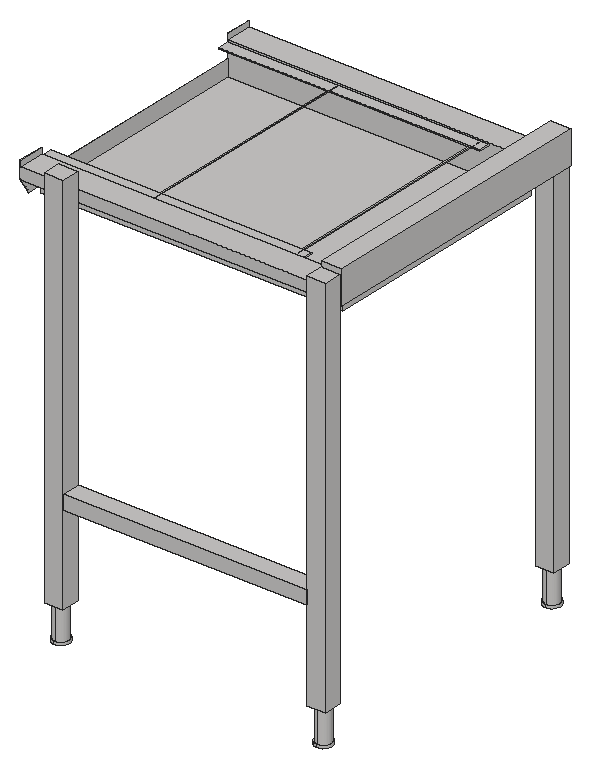
Revit family "QF_ELECTROLUXPROFESSIONAL_865243_HSSL7", category Specialty Equipment, Revit 2018
Family settings
  Round Connector Dimension = Use Diameter
  Part Type = Normal
  Work Plane-Based = No
  Always vertical = Yes
  Cut with Voids When Loaded = No
  Shared = No
  Room Calculation Point = No
Parameters
  Weight = 0.00 kg
  Watts = 0 W
  Volts = 0 V
  URL Manufacturer = "http://professional.electrolux.com/"
  URL = "http://professional.electrolux.com/"
  Steam Supply Size = 0 mm
  Steam Supply Minimum Pressure = 0.0 Pa
  Steam Supply Maximum Pressure = 0.0 Pa
  Steam Pounds per Hour = 0
  Refrigeration Suction Line Size = 0 mm
  Refrigeration Liquid Line Size = 0 mm
  Refrigerant Compressor Remote = yes
  Manufacturer = "Electrolux"
  Phase = 0
  Model = "HSSL7"
  Length Actual = 700 mm  # constant formula
  Item Number = "865243"
  Hot Water Size = 0 mm
  Height Actual = 922 mm  # constant formula
  HP = "0 HP"
  Gas Size = 0 mm
  Gas KW = 0
  Gas Input Pressure = 0 W
  Description = "SIDE LOADER, DW DRIVEN, 700MM"
  Depth Actual = 623 mm  # constant formula
  Cycle = 0 Hz
  Condensate Return Size = 0 mm
  Compressed Air Volume = 0.0 L/s
  Compressed Air Size = 0 mm
  Compressed Air Pressure = 0.0 Pa
  Cold Water Size = 0 mm
  Accessory = yes
Reference planes
  plane 1 "Centro (Fronte/Retro)": y = 74.737
  plane 2: z = 0
  plane 3 "LEFT": x = -938.761
  plane 4 "BACK": y = 384.737
  plane 5 "FRONT": y = -235.263
  plane 6 "RIGHT": x = -238.761
  plane 7: z = 887.1
Forms (mm)
  Extrusion 1, solid, material "QF_Finishes_Stainless Steel"
    sketch origin (11.239, 0, 0) x (0, 1, 0) y (0, 0, 1)
      loop
        line (-235.263, 874.1) -> (-235.263, 850.033) -> (-178.263, 850.033) -> (-178.263, 874.1) -> (-235.263, 874.1)
      loop
        line (384.737, 874.1) -> (327.737, 874.1) -> (327.737, 850.033) -> (384.737, 850.033) -> (384.737, 874.1)
    from -948.8 to -293.54
  Extrusion 2, solid, material "QF_Finishes_Stainless Steel"
    sketch origin (11.239, 0, 0) x (0, 1, 0) y (0, 0, 1)
      loop
        line (-179.749, 850.033) -> (-179.749, 800.081) -> (329.266, 800.081) -> (329.266, 850.033) -> (327.737, 850.033) -> (327.737, 803.081) -> (-178.263, 803.081) -> (-178.263, 850.033) -> (-179.749, 850.033)
    from -948.8 to -293.54
  Extrusion 3, solid, material "QF_Finishes_Stainless Steel"
    sketch origin (1218.899, 723.253, 4000) x (0, 1, 0) y (0, 0, 1)
      loop
        line (-903.002, -3149.967) -> (-903.002, -3199.919) -> (-393.987, -3199.919) -> (-393.987, -3149.967) -> (-903.002, -3149.967)
    from -1500 to -1501.2
  Extrusion 4, solid, material "QF_Finishes_Stainless Steel"
    sketch origin (-548.761, 803.498, 0) x (0, 1, 0) y (0, 0, 1)
      loop
        line (-1079.929, 300) -> (-1079.929, 270) -> (-1039.929, 270) -> (-1039.929, 300) -> (-1079.929, 300)
    from -264.04 to 266.46
  Extrusion 5, solid, material "QF_Finishes_Stainless Steel"
    sketch origin (562.439, 723.253, 4000) x (0, 1, 0) y (0, 0, 1)
      loop
        line (-958.516, -3112.9) -> (-958.516, -3149.967) -> (-934.752, -3185.632) -> (-903.002, -3185.632) -> (-903.002, -3199.919) -> (-382.009, -3199.919) -> (-382.009, -3185.632) -> (-362.281, -3185.632) -> (-338.516, -3149.967) -> (-338.516, -3112.9) -> (-395.516, -3112.9) -> (-395.516, -3161.926) -> (-901.516, -3161.926) -> (-901.516, -3112.9) -> (-958.516, -3112.9)
    from -1500 to -1501.2
  Extrusion 6, solid, material "QF_Finishes_Stainless Steel"
    sketch origin (800, 74.737, 0) x (1, 0, 0) y (0, 0, 1)
      loop
        line (-1082.301, 922.1) -> (-1082.301, 850.033) -> (-1038.761, 850.033) -> (-1038.761, 922.1) -> (-1082.301, 922.1)
    from -310 to 310
  Extrusion 7, solid, material "QF_Finishes_Stainless Steel"
    sketch origin (11.239, 0, 40) x (0, 1, 0) y (0, 0, 1)
      loop
        line (-178.263, 831.1) -> (-178.263, 828.1) -> (-152.853, 828.1) -> (-152.853, 831.1) -> (-178.263, 831.1)
      loop
        line (327.737, 828.1) -> (327.737, 831.1) -> (302.405, 831.1) -> (302.405, 828.1) -> (327.737, 828.1)
    from -948.8 to -381.964
  Extrusion 8, solid, material "QF_Finishes_Stainless Steel"
    sketch origin (0, 74.737, 0) x (1, 0, 0) y (0, 0, 1)
      loop
        circle (-394.266, 866.614) r 1.486
      loop
        circle (-703.224, 866.614) r 1.486
    from -253 to 253
Cuts and joins
  joined: Extrusion 1, Extrusion 2, Extrusion 3, Extrusion 5, Extrusion 6, Extrusion 7, Extrusion 8
Lines and regions (mm)
  Masking region 1
    outline origin (0, 0, 0) x (1, 0, 0) y (0, 1, 0)
      loop
        line (-938.761, 384.737) -> (-938.761, -235.263) -> (-238.761, -235.263) -> (-238.761, 384.737) -> (-938.761, 384.737)
  symbolic lines
    curve 1: line (-238.761, 384.737, 0) -> (-938.761, 384.737, 0)
    curve 2: line (-238.761, -235.263, 0) -> (-238.761, 384.737, 0)
    curve 3: line (-938.761, -235.263, 0) -> (-238.761, -235.263, 0)
    curve 4: line (-282.301, -178.263, 0) -> (-938.761, -178.263, 0)
    curve 5: line (-282.301, -235.263, 0) -> (-282.301, 384.737, 0)
    curve 6: line (-370.724, -178.263, 0) -> (-370.724, -152.853, 0)
    curve 7: line (-370.724, -152.853, 0) -> (-938.761, -152.853, 0)
    curve 8: line (-699.461, -152.853, 0) -> (-699.461, 302.327, 0)
    curve 9: line (-938.761, 327.737, 0) -> (-282.301, 327.737, 0)
    curve 10: line (-696.488, 302.327, 0) -> (-696.488, -152.853, 0)
    curve 11: line (-395.752, -152.853, 0) -> (-395.752, 302.327, 0)
    curve 12: line (-392.779, 302.147, 0) -> (-392.779, -152.853, 0)
    curve 13: line (-370.724, 327.737, 0) -> (-370.724, 302.327, 0)
    curve 14: line (-370.724, 302.327, 0) -> (-938.761, 302.327, 0)
    curve 15: line (-938.761, 74.737, 0) -> (-908.761, 74.737, 0)
    curve 16: line (-547.551, -236.431, 0) -> (-547.551, -206.431, 0)
Dimensions and locks
  plane 3 "LEFT" to plane 6 "RIGHT" = 700 mm
  equal spacing: plane 4 "BACK", plane 1 "Centro (Fronte/Retro)", plane 5 "FRONT"
  plane 4 "BACK" to plane 5 "FRONT" = 620 mm
  aligned and locked: level to plane 2
Automatic sketch dimensions
  plane 5 "FRONT" to Extrusion 2 sketch curve = 55.514 mm
  Extrusion 2 sketch curve to Extrusion 2 sketch curve = 1.486 mm
  Extrusion 2 sketch curve to plane 4 "BACK" = 57 mm
  Extrusion 2 sketch curve to Extrusion 2 sketch curve = 1.529 mm
  Extrusion 2 sketch curve to plane 7 = 87.019 mm
  Extrusion 2 sketch curve to Extrusion 2 sketch curve = 3 mm
  Extrusion 2 sketch curve to plane 7 = 37.067 mm  (x2)
  plane 5 "FRONT" to Extrusion 3 sketch curve = 55.514 mm
  Extrusion 3 sketch curve to plane 4 "BACK" = 55.471 mm
  Extrusion 3 sketch curve to plane 7 = 87.019 mm
  Extrusion 3 sketch curve to plane 7 = 37.067 mm
  Masking region 1 sketch curve to plane 3 "LEFT" = 0 mm
  Masking region 1 sketch curve to plane 5 "FRONT" = 0 mm
  Masking region 1 sketch curve to plane 6 "RIGHT" = 0 mm
  Masking region 1 sketch curve to plane 4 "BACK" = 0 mm
  Extrusion 4 sketch curve to plane 5 "FRONT" = 41.168 mm
  Extrusion 4 sketch curve to plane 5 "FRONT" = 1.168 mm
  level to Extrusion 4 sketch curve = 270 mm
  Extrusion 4 sketch curve to Extrusion 4 sketch curve = 30 mm
  Extrusion 5 sketch curve to plane 5 "FRONT" = 0 mm
  Extrusion 5 sketch curve to plane 7 = 0 mm  (x2)
  Extrusion 5 sketch curve to plane 4 "BACK" = 0 mm
  plane 5 "FRONT" to Extrusion 5 sketch curve = 23.764 mm
  Extrusion 5 sketch curve to Extrusion 5 sketch curve = 31.75 mm
  plane 5 "FRONT" to Extrusion 5 sketch curve = 57 mm
  Extrusion 5 sketch curve to plane 4 "BACK" = 57 mm
  Extrusion 5 sketch curve to Extrusion 5 sketch curve = 13.508 mm
  Extrusion 5 sketch curve to Extrusion 5 sketch curve = 19.728 mm
  Extrusion 5 sketch curve to plane 7 = 37.067 mm  (x2)
  Extrusion 5 sketch curve to Extrusion 5 sketch curve = 11.959 mm
  Extrusion 5 sketch curve to Extrusion 5 sketch curve = 23.706 mm  (x2)
  Extrusion 5 sketch curve to Extrusion 5 sketch curve = 14.287 mm
  Extrusion 6 sketch curve to plane 6 "RIGHT" = 0 mm
  Extrusion 6 sketch curve to plane 6 "RIGHT" = 43.54 mm
  Extrusion 6 sketch curve to plane 7 = 37.067 mm
  plane 7 to Extrusion 6 sketch curve = 35 mm
  plane 5 "FRONT" to Extrusion 7 sketch curve = 57 mm
  Extrusion 7 sketch curve to plane 4 "BACK" = 57 mm
  Extrusion 7 sketch curve to plane 7 = 16 mm  (x2)
  Extrusion 7 sketch curve to Extrusion 7 sketch curve = 25.41 mm
  Extrusion 7 sketch curve to Extrusion 7 sketch curve = 25.332 mm
  Extrusion 7 sketch curve to Extrusion 7 sketch curve = 3 mm  (x2)
  Extrusion 1 sketch curve to plane 5 "FRONT" = 0 mm
  Extrusion 1 sketch curve to plane 4 "BACK" = 0 mm
  plane 5 "FRONT" to Extrusion 1 sketch curve = 57 mm
  Extrusion 1 sketch curve to plane 7 = 13 mm  (x2)
  Extrusion 1 sketch curve to plane 4 "BACK" = 57 mm
  Extrusion 1 sketch curve to Extrusion 1 sketch curve = 24.067 mm
  Extrusion 1 sketch curve to plane 7 = 37.067 mm
  Extrusion 8 sketch curve to plane 7 = 20.486 mm  (x2)
  plane 3 "LEFT" to Extrusion 8 sketch curve = 235.537 mm
  Extrusion 8 sketch curve to plane 6 "RIGHT" = 155.505 mm
  curve 7 to plane 3 "LEFT" = 0 mm
  curve 1 to plane 3 "LEFT" = 0 mm
  curve 9 to plane 3 "LEFT" = 0 mm
  curve 14 to plane 3 "LEFT" = 0 mm
  curve 3 to plane 3 "LEFT" = 0 mm
  plane 1 "Centro (Fronte/Retro)" to curve 15 = 0 mm
  curve 15 to plane 3 "LEFT" = 0 mm
  curve 4 to plane 3 "LEFT" = 0 mm
  curve 5 to plane 4 "BACK" = 0 mm
  curve 5 to plane 5 "FRONT" = 0 mm
  curve 2 to plane 6 "RIGHT" = 0 mm
  curve 6 to plane 6 "RIGHT" = 131.964 mm
  curve 14 to plane 6 "RIGHT" = 131.964 mm
  plane 5 "FRONT" to curve 6 = 82.41 mm
  curve 13 to plane 4 "BACK" = 82.41 mm
  curve 15 to curve 15 = 30 mm
  curve 8 to curve 10 = 2.973 mm
  plane 5 "FRONT" to curve 16 = 28.832 mm
  curve 10 to curve 16 = 148.937 mm
  curve 11 to curve 13 = 25.027 mm
  curve 11 to curve 12 = 2.973 mm
  curve 5 to curve 1 = 43.54 mm
  curve 16 to plane 5 "FRONT" = 1.168 mm
  curve 4 to curve 7 = 25.41 mm
  curve 12 to curve 11 = 0.181 mm
  curve 9 to curve 5 = 57 mm
  curve 14 to curve 8 = 239.3 mm
  radius of Extrusion 8 sketch curve = 1.486 mm  (x2)
Nested families
  nested 1: "Foot_40x40" at (-832.801, -256.431, 0) x (0, 1, 0) z (0, 0, 1), type "Foot_40x40"
    with A 910 mm
  nested 2: "Foot_40x40" at (-262.253, -256.431, 0) x (0, 1, 0) z (0, 0, 1), type "Foot_40x40"
    with A 910 mm
  nested 3: "Foot_40x40" at (-262.253, 363.569, 0) x (0, 1, 0) z (0, 0, 1), type "Foot_40x40"
    with A 850.033 mm
Definition of nested family "Foot_40x40"
  Parameters
    A [instance] = 850 mm
  Reference planes
    plane 1 "Centro (Fronte/Retro)": y = 0
    plane 2: z = 0
    plane 3 "Centro (Sinistra/Destra)": x = 0
    plane 4: z = 850
  Forms (mm)
    Extrusion 1, solid
      sketch origin (0, 0, 0) x (1, 0, 0) y (0, 1, 0)
        loop
          circle (0, 0) r 18
      from 0 to 5
    Extrusion 2, solid
      sketch origin (0, 0, 5) x (1, 0, 0) y (0, 1, 0)
        loop
          circle (0, 0) r 15
      from 0 to 70
    Extrusion 3, solid
      sketch origin (0, 0, 75) x (1, 0, 0) y (0, 1, 0)
        loop
          line (-20, 20) -> (-20, -20) -> (20, -20) -> (20, 20) -> (-20, 20)
      from 0 to 775
  Dimensions and locks
    "A": plane 4 to plane 2
    aligned and locked: level to plane 2
    aligned and locked: plane 4 to Extrusion 3
    aligned and locked: Extrusion 1 to level
  Automatic sketch dimensions
    plane 1 "Centro (Fronte/Retro)" to Extrusion 1 sketch curve = 0 mm
    Extrusion 1 sketch curve to plane 3 "Centro (Sinistra/Destra)" = 0 mm
    Extrusion 3 sketch curve to Extrusion 3 sketch curve = 40 mm  (x2)
    radius of Extrusion 1 sketch curve = 18 mm
    radius of Extrusion 2 sketch curve to Extrusion 1 = 3 mm
